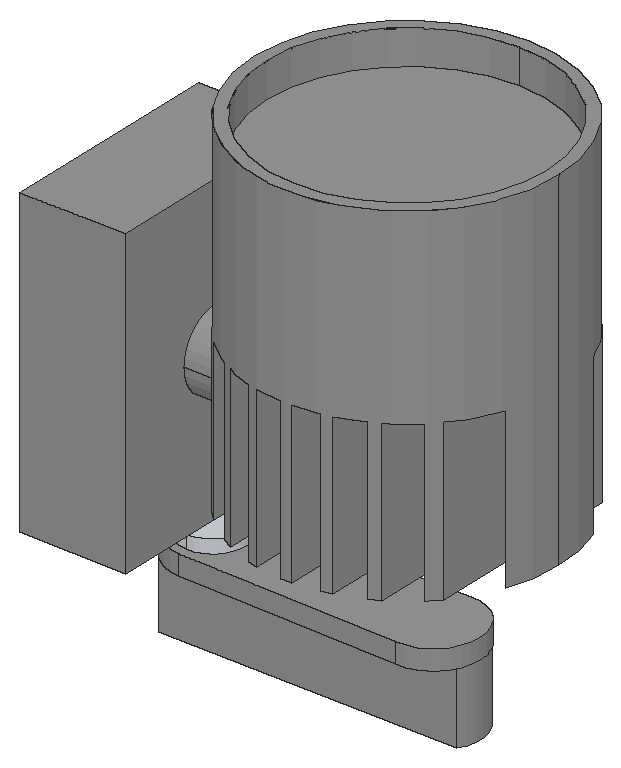
Revit family "2059898 Sylvania Lighting Fixture BEACON XL MUSE Xicato 4K O B DIM LS3 White", category Lighting Fixtures, host Face, Revit 2016
Family settings
  Host = Face
  Part Type = Normal
  Round Connector Dimension = Use Diameter
  OmniClass Number = 23.80.70.00
  OmniClass Title = Lighting
  Cut with Voids When Loaded = No
  Light Source = Yes
  Shared = No
  Room Calculation Point = No
Parameters (values of type "2059898 BEACON XL MUSE XICATO 4K O/B DIM LS3 WHT")
  ceiling drop = 180 mm
  Weight = "n/a"
  Wattage Comments = ""
  Wattage = 0 W
  WarrantyStartDate [instance] = "n/a"
  WarrantyGuarantorParts = ""
  WarrantyDurationUnit = "http://www.sylvania-lighting.com"
  WarrantyDurationParts = "n/a"
  WarrantyDescription = "0.95"
  built-in parameter 1150110 = 1 (stored number, unit not read)
  Voltage = 0 V
  URL = "\\\\svlondc02\\data\\R&D_Fixtures_General\\Dialux Admin\\Michael H\\Bim\\All ranges Feilo\\not Completed\\Beacon Xicato\\Beacon XL Muse Xicato\\2059898.ies"
  TypeName = "BEACON XL MUSE Xicato 4K O/B DIM LS3 White"
  Type Image = <None>
  Type Comments = "n/a"
  built-in parameter 1114217 = 1 (stored number, unit not read)
  Tilt Angle = 90.00°
  built-in parameter 1150109 = 1 (stored number, unit not read)
  built-in parameter 1150134 = 3
  built-in parameter 1150113 = 1 (stored number, unit not read)
  SerialNumber [instance] = "n/a"
  Photometric Web File = "2059898.ies"
  Material_3_FEILO = none
  PowerFactor = 0
  PowerConsumption = "0"
  NominalLength = 0 mm
  NominalHeight = 0 mm
  NominalDepth = 0 mm
  Name = "BEACON XL MUSE Xicato 4K O/B DIM LS3 White"
  ModelReference = Name  # "BEACON XL MUSE Xicato 4K O/B DIM LS3 White"
  ModelNumber = "2059898"
  Model = Name  # "BEACON XL MUSE Xicato 4K O/B DIM LS3 White"
  Material = ""
  ManufacturerName = ""
  Manufacturer = ""
  LuminousEfficacy = "100"
  built-in parameter 1150105 = (empty or 0)
  Lumens = 0 lm
  LuminaireType = "681/1697 lm"
  built-in parameter 1150115 = 1 (stored number, unit not read)
  Lighting Material = none
  LightOutputRatio = "3"
  built-in parameter 1150137 = (empty or 0)
  built-in parameter 1150139 = (empty or 0)
  Light = none
  LampsType = Lamp  # "n/a"
  LampNominalLuminous = "LED"
  LampMacAdamStep = "16500"
  LampColourTemperature = "n/a"
  LampColourRenderingIndex = "n/a"
  built-in parameter 1150112 = 1 (stored number, unit not read)
  built-in parameter 1150114 = 1 (stored number, unit not read)
  Lamp = "n/a"
  Keynote = "0"
  InstallationDate [instance] = "n/a"
  InputVoltage = "IP20"
  InputNominalFrequency = "IK02"
  built-in parameter 1150132 = (empty or 0)
  built-in parameter 1150102 = (empty or 0)
  built-in parameter 1150107 = 3200 (stored number, unit not read)
  built-in parameter 1150138 = (empty or 0)
  IngressProtection = ""
  ImpactProtectionIndex = "Class II"
  built-in parameter 1150106 = (empty or 0)
  IfcExportType = "IfcLightFixtureType"
  IfcExportAs = "48"
  ExpectedLife = 50000
  Emit from Circle Diameter = 609.6 mm
  Emit Shape Visible in Rendering = no
  ElectricShockClassification = ""
  built-in parameter 1150104 = 13.8 (stored number, unit not read)
  DurationUnit = "hours"
  Driver Width = 85 mm
  DocumentationLiterature = "http://www.sylvania-lighting.com/product/en-int/products/2059898"
  DimmingControlOptions = "n/a"
  Material_2_FEILO = none
  Dimming Lamp Color Temperature Shift = <None>
  Diameter = 115 mm
  Description = "Integrated LED spotlight with Xicato Artist LED Module, white RAL 9016, unique soft-touch ring, adjustable beam angle from a 10° spot to a 72° flood, compact and minimalist design, ideal for museum, gallery and high-end retail applications, die-cast aluminium body, passive cooling heatsink, beam angle: 10° spot to 72° flood, optics: aspheric glass lens, colour temperature: 4000K neutral white, total system power: 35W, total fixture output: 681/1697lm, luminaire efficacy: 48lm/W, LOR: 100%, super high colour rendering: Ra 97 typical, R9 value at 90, LED Chromacity: 3 step MacAdam ellipse, lifetime: 50,000 hours at 70% of the original output (L70), energy class: A++, A+, A, IR/UV free light source without heat radiation, operating voltage: 220-240V / 50-60Hz, drive current: 1050mA, electronic driver, dimmable via on-board potentiometer, power factor: 0.95, electrical protection: CLASS I, 3-circuit track adaptor, suitable for Concord Lytespan 3 track, ingress protection rating: IP20, suitable for internal use."
  Default Elevation = 115 mm
  CreatedOn = "01/07/2019"
  CreatedBy = "@sylvania-lighting.com"
  Cost = 0
  Color Filter = 16777215
  built-in parameter 1114216 [instance] = (empty or 0)
  ClassificationValue = "EF_70_80"
  ClassificationName = "Uniclass2015"
  Material_1_FEILO = none
  BarCode [instance] = "n/a"
  built-in parameter 1114218 = 1 (stored number, unit not read)
  built-in parameter 1150133 = 10 (stored number, unit not read)
  AssetType = "Fixed"
  AssetIdentifier [instance] = "n/a"
  Assembly Code = "D5020200"
  Apparent Load = 35 VA
  Material_4_FEILO = none
  Adaptor Width = 35 mm
  Adaptor Pivot = 24.952 mm
  Adaptor Inside Width = 16.53 mm
Reference planes
  plane 1 "Center (Front/Back)": y = 0
  plane 2: z = 0
  plane 3 "Center (Left/Right)": x = 0
  plane 4: y = 57.5
  plane 5: y = -57.5
  plane 6: x = -57.5
  plane 7: x = 57.5
  plane 8: z = 180
  plane 9: z = 18
  plane 10: x = -72.5
  plane 11: x = -112.5
  plane 12: z = 133
  plane 13: z = 48
  plane 14: z = 76
  plane 15: y = 42.5
  plane 16: y = -42.5
  plane 17: y = 18.447
  plane 18: y = -16.553
  plane 19: y = 12.476
  plane 20: y = -12.476
  plane 21: y = 8.265
  plane 22: y = -8.265
  plane 23: z = 5.5
Forms (mm)
  Extrusion 1, solid, material "Aluminum", detail levels medium+fine
    sketch origin (0, 0, 0) x (1, 0, 0) y (0, 1, 0)
      loop
        circle (0, 0) r 57.5
    from 48 to 180
  Extrusion 2, solid, material "Aluminum", detail levels medium+fine
    sketch origin (0, 0, 0) x (1, 0, 0) y (0, 1, 0)
      loop
        line (-112.5, 42.5) -> (-112.5, -42.16) -> (-72.5, -42.16) -> (-72.5, 42.5) -> (-112.5, 42.5)
    from 18 to 133
  Extrusion 3, void
    sketch origin (0, 0, 48) x (1, 0, 0) y (0, 1, 0)
      loop
        line (43.7, -85.519) -> (53.7, -85.519) -> (53.7, 68.594) -> (43.7, 68.594) -> (43.7, -85.519)
      loop
        line (39.9, -85.519) -> (39.9, 68.594) -> (29.9, 68.594) -> (29.9, -85.519) -> (39.9, -85.519)
      loop
        line (26.1, -85.519) -> (26.1, 68.594) -> (16.1, 68.594) -> (16.1, -85.519) -> (26.1, -85.519)
      loop
        line (12.3, -85.519) -> (12.3, 68.594) -> (2.3, 68.594) -> (2.3, -85.519) -> (12.3, -85.519)
      loop
        line (-1.5, -85.519) -> (-1.5, 68.594) -> (-11.5, 68.594) -> (-11.5, -85.519) -> (-1.5, -85.519)
      loop
        line (-15.3, -85.519) -> (-15.3, 68.594) -> (-25.3, 68.594) -> (-25.3, -85.519) -> (-15.3, -85.519)
      loop
        line (-29.1, -85.519) -> (-29.1, 68.594) -> (-39.1, 68.594) -> (-39.1, -85.519) -> (-29.1, -85.519)
      loop
        line (-42.9, -85.519) -> (-42.9, 68.594) -> (-52.9, 68.594) -> (-52.9, -85.519) -> (-42.9, -85.519)
    from 0 to 60
  Extrusion 4, solid, material "Aluminum"
    sketch origin (319, 1524, 1219.2) x (0, 1, 0) y (0, 0, 1)
      loop
        circle (-1524, -1143.2) r 15
    from -391.5 to -361.9
  Extrusion 5, solid, detail levels fine
    sketch origin (-0.798, -15.316, 18) x (0, 1, 0) y (1, 0, 0)
      loop
        circle (15.34, -72.5) r 12.5
    from 0 to 5
  Extrusion 6, solid, material "Aluminum", detail levels fine
    sketch origin (-1.795, -27.856, 13) x (-1, 0, 0) y (0, 1, 0)
      loop
        arc (-11.998, 45.379) -> (-29.497, 27.722) -> (-11.683, 10.382) r 17.5
        line (-11.683, 10.382) -> (71.502, 11.879)
        arc (71.502, 11.879) -> (87.502, 27.879) -> (71.502, 43.879) r 16
        line (71.502, 43.879) -> (-11.998, 45.379)
    from 0 to 7.5
  Extrusion 7, void
    sketch origin (0, 0, 180) x (0, 1, 0) y (1, 0, 0)
      loop
        circle (0, 0) r 53
    from 0 to 15
  Extrusion 8, solid, material "Aluminum", detail levels fine
    sketch origin (0, 0, 0) x (1, 0, 0) y (0, 1, 0)
      loop
        arc (-87.012, 8.265) -> (-89.298, 0) -> (-87.012, -8.265) r 16.086
        line (-87.012, -8.265) -> (25.615, -8.265)
        arc (25.615, -8.265) -> (27.702, 0) -> (25.615, 8.265) r 17.405
        line (25.615, 8.265) -> (-87.012, 8.265)
    from -21.5 to 5.5
  Extrusion 9, solid, not visible
    sketch origin (0, 0, 0) x (1, 0, 0) y (0, 1, 0)
      loop
        circle (0, 0) r 57.5
    from 48 to 180
  Extrusion 10, void, not visible
    sketch origin (0, 0, 48) x (1, 0, 0) y (0, 1, 0)
      loop
        line (43.7, -85.519) -> (53.7, -85.519) -> (53.7, 68.594) -> (43.7, 68.594) -> (43.7, -85.519)
      loop
        line (39.9, -85.519) -> (39.9, 68.594) -> (29.9, 68.594) -> (29.9, -85.519) -> (39.9, -85.519)
      loop
        line (26.1, -85.519) -> (26.1, 68.594) -> (16.1, 68.594) -> (16.1, -85.519) -> (26.1, -85.519)
      loop
        line (12.3, -85.519) -> (12.3, 68.594) -> (2.3, 68.594) -> (2.3, -85.519) -> (12.3, -85.519)
      loop
        line (-1.5, -85.519) -> (-1.5, 68.594) -> (-11.5, 68.594) -> (-11.5, -85.519) -> (-1.5, -85.519)
      loop
        line (-15.3, -85.519) -> (-15.3, 68.594) -> (-25.3, 68.594) -> (-25.3, -85.519) -> (-15.3, -85.519)
      loop
        line (-29.1, -85.519) -> (-29.1, 68.594) -> (-39.1, 68.594) -> (-39.1, -85.519) -> (-29.1, -85.519)
      loop
        line (-42.9, -85.519) -> (-42.9, 68.594) -> (-52.9, 68.594) -> (-52.9, -85.519) -> (-42.9, -85.519)
    from 0 to 60
  Extrusion 11, solid, not visible
    sketch origin (319, 1524, 1219.2) x (0, 1, 0) y (0, 0, 1)
      loop
        circle (-1524, -1143.2) r 15
    from -391.5 to -361.9
  Extrusion 12, void, not visible
    sketch origin (0, 0, 180) x (0, 1, 0) y (1, 0, 0)
      loop
        circle (0, 0) r 53
    from 0 to 15
  Extrusion 13, solid, not visible
    sketch origin (0, 0, 0) x (1, 0, 0) y (0, 1, 0)
      loop
        circle (0, 0) r 57.5
    from 48 to 180
  Extrusion 14, solid, not visible
    sketch origin (0, 0, 0) x (1, 0, 0) y (0, 1, 0)
      loop
        line (-112.5, 42.5) -> (-112.5, -42.16) -> (-72.5, -42.16) -> (-72.5, 42.5) -> (-112.5, 42.5)
    from 18 to 133
  Extrusion 15, void, not visible
    sketch origin (0, 0, 48) x (1, 0, 0) y (0, 1, 0)
      loop
        line (43.7, -85.519) -> (53.7, -85.519) -> (53.7, 68.594) -> (43.7, 68.594) -> (43.7, -85.519)
      loop
        line (39.9, -85.519) -> (39.9, 68.594) -> (29.9, 68.594) -> (29.9, -85.519) -> (39.9, -85.519)
      loop
        line (26.1, -85.519) -> (26.1, 68.594) -> (16.1, 68.594) -> (16.1, -85.519) -> (26.1, -85.519)
      loop
        line (12.3, -85.519) -> (12.3, 68.594) -> (2.3, 68.594) -> (2.3, -85.519) -> (12.3, -85.519)
      loop
        line (-1.5, -85.519) -> (-1.5, 68.594) -> (-11.5, 68.594) -> (-11.5, -85.519) -> (-1.5, -85.519)
      loop
        line (-15.3, -85.519) -> (-15.3, 68.594) -> (-25.3, 68.594) -> (-25.3, -85.519) -> (-15.3, -85.519)
      loop
        line (-29.1, -85.519) -> (-29.1, 68.594) -> (-39.1, 68.594) -> (-39.1, -85.519) -> (-29.1, -85.519)
      loop
        line (-42.9, -85.519) -> (-42.9, 68.594) -> (-52.9, 68.594) -> (-52.9, -85.519) -> (-42.9, -85.519)
    from 0 to 60
  Extrusion 16, solid, not visible
    sketch origin (319, 1524, 1219.2) x (0, 1, 0) y (0, 0, 1)
      loop
        circle (-1524, -1143.2) r 15
    from -391.5 to -361.9
  Extrusion 17, void, not visible
    sketch origin (0, 0, 180) x (0, 1, 0) y (1, 0, 0)
      loop
        circle (0, 0) r 53
    from 0 to 15
  Extrusion 18, solid, not visible
    sketch origin (0, 0, 0) x (1, 0, 0) y (0, 1, 0)
      loop
        circle (0, 0) r 57.5
    from 48 to 180
  Extrusion 19, solid, not visible
    sketch origin (0, 0, 0) x (1, 0, 0) y (0, 1, 0)
      loop
        line (-112.5, 42.5) -> (-112.5, -42.16) -> (-72.5, -42.16) -> (-72.5, 42.5) -> (-112.5, 42.5)
    from 18 to 133
  Extrusion 20, void, not visible
    sketch origin (0, 0, 48) x (1, 0, 0) y (0, 1, 0)
      loop
        line (43.7, -85.519) -> (53.7, -85.519) -> (53.7, 68.594) -> (43.7, 68.594) -> (43.7, -85.519)
      loop
        line (39.9, -85.519) -> (39.9, 68.594) -> (29.9, 68.594) -> (29.9, -85.519) -> (39.9, -85.519)
      loop
        line (26.1, -85.519) -> (26.1, 68.594) -> (16.1, 68.594) -> (16.1, -85.519) -> (26.1, -85.519)
      loop
        line (12.3, -85.519) -> (12.3, 68.594) -> (2.3, 68.594) -> (2.3, -85.519) -> (12.3, -85.519)
      loop
        line (-1.5, -85.519) -> (-1.5, 68.594) -> (-11.5, 68.594) -> (-11.5, -85.519) -> (-1.5, -85.519)
      loop
        line (-15.3, -85.519) -> (-15.3, 68.594) -> (-25.3, 68.594) -> (-25.3, -85.519) -> (-15.3, -85.519)
      loop
        line (-29.1, -85.519) -> (-29.1, 68.594) -> (-39.1, 68.594) -> (-39.1, -85.519) -> (-29.1, -85.519)
      loop
        line (-42.9, -85.519) -> (-42.9, 68.594) -> (-52.9, 68.594) -> (-52.9, -85.519) -> (-42.9, -85.519)
    from 0 to 60
  Extrusion 21, solid, not visible
    sketch origin (319, 1524, 1219.2) x (0, 1, 0) y (0, 0, 1)
      loop
        circle (-1524, -1143.2) r 15
    from -391.5 to -361.9
  Extrusion 22, solid, not visible
    sketch origin (-0.798, -15.316, 18) x (0, 1, 0) y (1, 0, 0)
      loop
        circle (15.34, -72.5) r 12.5
    from 0 to 5
  Extrusion 23, solid, not visible
    sketch origin (-1.795, -27.856, 13) x (-1, 0, 0) y (0, 1, 0)
      loop
        arc (-11.998, 45.379) -> (-29.497, 27.722) -> (-11.683, 10.382) r 17.5
        line (-11.683, 10.382) -> (71.502, 11.879)
        arc (71.502, 11.879) -> (87.502, 27.879) -> (71.502, 43.879) r 16
        line (71.502, 43.879) -> (-11.998, 45.379)
    from 0 to 7.5
  Extrusion 24, void, not visible
    sketch origin (0, 0, 180) x (0, 1, 0) y (1, 0, 0)
      loop
        circle (0, 0) r 53
    from 0 to 15
  Extrusion 25, solid, not visible
    sketch origin (0, 0, 0) x (1, 0, 0) y (0, 1, 0)
      loop
        circle (0, 0) r 57.5
    from 48 to 180
  Extrusion 26, solid, not visible
    sketch origin (0, 0, 0) x (1, 0, 0) y (0, 1, 0)
      loop
        line (-112.5, 42.5) -> (-112.5, -42.16) -> (-72.5, -42.16) -> (-72.5, 42.5) -> (-112.5, 42.5)
    from 18 to 133
  Extrusion 27, void, not visible
    sketch origin (0, 0, 48) x (1, 0, 0) y (0, 1, 0)
      loop
        line (43.7, -85.519) -> (53.7, -85.519) -> (53.7, 68.594) -> (43.7, 68.594) -> (43.7, -85.519)
      loop
        line (39.9, -85.519) -> (39.9, 68.594) -> (29.9, 68.594) -> (29.9, -85.519) -> (39.9, -85.519)
      loop
        line (26.1, -85.519) -> (26.1, 68.594) -> (16.1, 68.594) -> (16.1, -85.519) -> (26.1, -85.519)
      loop
        line (12.3, -85.519) -> (12.3, 68.594) -> (2.3, 68.594) -> (2.3, -85.519) -> (12.3, -85.519)
      loop
        line (-1.5, -85.519) -> (-1.5, 68.594) -> (-11.5, 68.594) -> (-11.5, -85.519) -> (-1.5, -85.519)
      loop
        line (-15.3, -85.519) -> (-15.3, 68.594) -> (-25.3, 68.594) -> (-25.3, -85.519) -> (-15.3, -85.519)
      loop
        line (-29.1, -85.519) -> (-29.1, 68.594) -> (-39.1, 68.594) -> (-39.1, -85.519) -> (-29.1, -85.519)
      loop
        line (-42.9, -85.519) -> (-42.9, 68.594) -> (-52.9, 68.594) -> (-52.9, -85.519) -> (-42.9, -85.519)
    from 0 to 60
  Extrusion 28, solid, not visible
    sketch origin (319, 1524, 1219.2) x (0, 1, 0) y (0, 0, 1)
      loop
        circle (-1524, -1143.2) r 15
    from -391.5 to -361.9
  Extrusion 29, solid, not visible
    sketch origin (-0.798, -15.316, 18) x (0, 1, 0) y (1, 0, 0)
      loop
        circle (15.34, -72.5) r 12.5
    from 0 to 5
  Extrusion 30, solid, not visible
    sketch origin (-1.795, -27.856, 13) x (-1, 0, 0) y (0, 1, 0)
      loop
        arc (-11.998, 45.379) -> (-29.497, 27.722) -> (-11.683, 10.382) r 17.5
        line (-11.683, 10.382) -> (71.502, 11.879)
        arc (71.502, 11.879) -> (87.502, 27.879) -> (71.502, 43.879) r 16
        line (71.502, 43.879) -> (-11.998, 45.379)
    from 0 to 7.5
  Extrusion 31, void, not visible
    sketch origin (0, 0, 180) x (0, 1, 0) y (1, 0, 0)
      loop
        circle (0, 0) r 53
    from 0 to 15
  Extrusion 32, solid, not visible
    sketch origin (0, 0, 0) x (1, 0, 0) y (0, 1, 0)
      loop
        arc (-87.012, 8.265) -> (-89.298, 0) -> (-87.012, -8.265) r 16.086
        line (-87.012, -8.265) -> (25.615, -8.265)
        arc (25.615, -8.265) -> (27.702, 0) -> (25.615, 8.265) r 17.405
        line (25.615, 8.265) -> (-87.012, 8.265)
    from -21.5 to 5.5
  Extrusion 33, solid, material "Glass, White, High Luminance", detail levels medium+fine
    sketch origin (0, 0, 165) x (0, 1, 0) y (-1, 0, 0)
      loop
        circle (0, 0) r 53
    from 0 to 2
  Extrusion 34, solid, detail levels coarse
    sketch origin (0, 0, 180) x (1, 0, 0) y (0, 1, 0)
      loop
        line (57.5, 57.5) -> (-112.5, 57.5) -> (-112.5, -57.5) -> (57.5, -57.5) -> (57.5, 57.5)
    from -201.5 to 0
Cuts and joins
  Extrusion 3, Extrusion 7 cuts Extrusion 1
Lines and regions (mm)
  reference lines
    curve 1: line (-73.298, 12.524, 13) -> (-73.298, -12.476, 13)
    curve 2: line (-60.798, -15.316, 13) -> (-85.798, -15.316, 13)
    curve 7: line (0, 53, 165) -> (0, -83.894, 165)
    curve 8: line (-53, 0, 165) -> (73.513, 0, 165)
  reference lines, not visible
    curve 3: line (-73.298, 12.524, 13) -> (-73.298, -12.476, 13)
    curve 4: line (-60.798, -15.316, 13) -> (-85.798, -15.316, 13)
    curve 5: line (-73.298, 12.524, 13) -> (-73.298, -12.476, 13)
    curve 6: line (-60.798, -15.316, 13) -> (-85.798, -15.316, 13)
Dimensions and locks
  "Diameter": plane 6 to plane 7
  equal spacing: plane 6, plane 3 "Center (Left/Right)", plane 7, locked at 57.5 each
  "Diameter": plane 4 to plane 5
  equal spacing: plane 4, plane 1 "Center (Front/Back)", plane 5, locked at 57.5 each
  "ceiling drop": plane 8 to level
  locked: plane 8 to plane 9 at 162
  locked: plane 12 to plane 9 at 115
  "Driver Width": plane 15 to plane 16
  equal spacing: plane 15, plane 1 "Center (Front/Back)", plane 16
  "Adaptor Width": plane 17 to plane 18
  "Adaptor Pivot": plane 19 to plane 20
  equal spacing: plane 19, plane 1 "Center (Front/Back)", plane 20
  "Adaptor Inside Width": plane 21 to plane 22
  equal spacing: plane 21, plane 1 "Center (Front/Back)", plane 22
  aligned and locked: plane 2 to host face
  aligned and locked: level to host face
  aligned and locked: plane 8 to Extrusion 1
Automatic sketch dimensions
  host sketch curve to host sketch curve = 2438.4 mm  (x2)
  Extrusion 3 sketch curve to Extrusion 3 sketch curve = 10 mm  (x8)
  Extrusion 3 sketch curve to Extrusion 3 sketch curve = 3.8 mm  (x7)
  Extrusion 3 sketch curve to Extrusion 3 sketch curve = 0 mm  (x14)
  Extrusion 3 sketch curve to Extrusion 3 sketch curve = 154.113 mm
  Extrusion 6 sketch curve to Extrusion 6 sketch curve = 83.185 mm
  Extrusion 6 sketch curve to Extrusion 6 sketch curve = 0.315 mm
  Extrusion 6 sketch curve to Extrusion 6 sketch curve = 1.5 mm
  Extrusion 6 sketch curve to Extrusion 6 sketch curve = 17.5 mm
  Extrusion 8 sketch curve to Extrusion 8 sketch curve = 15.318 mm
  Extrusion 10 sketch curve to Extrusion 10 sketch curve = 10 mm  (x8)
  Extrusion 10 sketch curve to Extrusion 10 sketch curve = 3.8 mm  (x7)
  Extrusion 10 sketch curve to Extrusion 10 sketch curve = 0 mm  (x14)
  Extrusion 10 sketch curve to Extrusion 10 sketch curve = 154.113 mm
  Extrusion 2 sketch curve to Extrusion 2 sketch curve = 40 mm
  Extrusion 2 sketch curve to Extrusion 2 sketch curve = 84.66 mm
  Extrusion 15 sketch curve to Extrusion 15 sketch curve = 10 mm  (x8)
  Extrusion 15 sketch curve to Extrusion 15 sketch curve = 3.8 mm  (x7)
  Extrusion 15 sketch curve to Extrusion 15 sketch curve = 0 mm  (x14)
  Extrusion 15 sketch curve to Extrusion 15 sketch curve = 154.113 mm
  Extrusion 14 sketch curve to Extrusion 14 sketch curve = 40 mm
  Extrusion 14 sketch curve to Extrusion 14 sketch curve = 84.66 mm
  Extrusion 20 sketch curve to Extrusion 20 sketch curve = 10 mm  (x8)
  Extrusion 20 sketch curve to Extrusion 20 sketch curve = 3.8 mm  (x7)
  Extrusion 20 sketch curve to Extrusion 20 sketch curve = 0 mm  (x14)
  Extrusion 20 sketch curve to Extrusion 20 sketch curve = 154.113 mm
  Extrusion 23 sketch curve to Extrusion 23 sketch curve = 83.185 mm
  Extrusion 23 sketch curve to Extrusion 23 sketch curve = 0.315 mm
  Extrusion 23 sketch curve to Extrusion 23 sketch curve = 1.5 mm
  Extrusion 23 sketch curve to Extrusion 23 sketch curve = 17.5 mm
  Extrusion 19 sketch curve to Extrusion 19 sketch curve = 40 mm
  Extrusion 19 sketch curve to Extrusion 19 sketch curve = 84.66 mm
  Extrusion 8 sketch curve to Extrusion 8 sketch curve = 0 mm  (x2)
  Extrusion 8 sketch curve to Extrusion 8 sketch curve = 13.8 mm
  Extrusion 8 sketch curve to Extrusion 8 sketch curve = 83.509 mm
  Extrusion 8 sketch curve to Extrusion 8 sketch curve = 8.265 mm
  Extrusion 27 sketch curve to Extrusion 27 sketch curve = 10 mm  (x8)
  Extrusion 27 sketch curve to Extrusion 27 sketch curve = 3.8 mm  (x7)
  Extrusion 27 sketch curve to Extrusion 27 sketch curve = 0 mm  (x14)
  Extrusion 27 sketch curve to Extrusion 27 sketch curve = 154.113 mm
  Extrusion 30 sketch curve to Extrusion 30 sketch curve = 83.185 mm
  Extrusion 30 sketch curve to Extrusion 30 sketch curve = 0.315 mm
  Extrusion 30 sketch curve to Extrusion 30 sketch curve = 1.5 mm
  Extrusion 30 sketch curve to Extrusion 30 sketch curve = 17.5 mm
  Extrusion 32 sketch curve to Extrusion 32 sketch curve = 15.318 mm
  Extrusion 26 sketch curve to Extrusion 26 sketch curve = 40 mm
  Extrusion 26 sketch curve to Extrusion 26 sketch curve = 84.66 mm
  Extrusion 32 sketch curve to Extrusion 32 sketch curve = 0 mm  (x2)
  Extrusion 32 sketch curve to Extrusion 32 sketch curve = 13.8 mm
  Extrusion 32 sketch curve to Extrusion 32 sketch curve = 83.509 mm
  Extrusion 32 sketch curve to Extrusion 32 sketch curve = 8.265 mm
  Extrusion 8 sketch curve to plane 21 = 0 mm
  Extrusion 8 sketch curve to plane 10 = 14.512 mm
  Extrusion 2 to Extrusion 5 sketch curve = 0.798 mm
  Extrusion 2 to Extrusion 5 sketch curve = 42.184 mm
  curve 2 to curve 1 = 2.84 mm
  curve 1 to curve 1 = 25 mm
  curve 2 to curve 1 = 12.5 mm
  curve 1 to curve 2 = 12.5 mm
  Extrusion 2 sketch curve to plane 11 = 0 mm
  plane 15 to Extrusion 2 sketch curve = 0 mm
  plane 1 "Center (Front/Back)" to Extrusion 1 sketch curve = 0 mm
  Extrusion 1 sketch curve to plane 3 "Center (Left/Right)" = 0 mm
  Extrusion 4 sketch curve to plane 1 "Center (Front/Back)" = 0 mm
  plane 14 to Extrusion 4 sketch curve = 0 mm
  curve 7 to curve 8 = 83.894 mm
  curve 8 to curve 7 = 53 mm
  curve 8 to curve 7 = 73.513 mm
  curve 7 to curve 8 = 53 mm
  Extrusion 34 sketch curve to Extrusion 34 sketch curve = 170 mm
  Extrusion 34 sketch curve to Extrusion 34 sketch curve = 115 mm
  radius of Extrusion 1 sketch curve = 57.5 mm
  radius of Extrusion 4 sketch curve = 15 mm
  radius of Extrusion 5 sketch curve = 12.5 mm
  radius of Extrusion 5 to Extrusion 6 sketch curve = 3.5 mm
  radius of Extrusion 7 sketch curve = 53 mm
  radius of Extrusion 9 sketch curve = 57.5 mm
  radius of Extrusion 11 sketch curve = 15 mm
  radius of Extrusion 12 sketch curve = 53 mm
  radius of Extrusion 13 sketch curve = 57.5 mm
  radius of Extrusion 16 sketch curve = 15 mm
  radius of Extrusion 17 sketch curve = 53 mm
  radius of Extrusion 18 sketch curve = 57.5 mm
  radius of Extrusion 21 sketch curve = 15 mm
  radius of Extrusion 22 sketch curve = 12.5 mm
  radius of Extrusion 22 to Extrusion 23 sketch curve = 3.5 mm
  radius of Extrusion 24 sketch curve = 53 mm
  radius of Extrusion 25 sketch curve = 57.5 mm
  radius of Extrusion 28 sketch curve = 15 mm
  radius of Extrusion 29 sketch curve = 12.5 mm
  radius of Extrusion 29 to Extrusion 30 sketch curve = 3.5 mm
  radius of Extrusion 31 sketch curve = 53 mm
  radius of Extrusion 33 sketch curve to Extrusion 7 = 0 mm
Connectors
  electrical at (-30.699, 0, -21.5)
    settings: on Extrusion 8, index 1, voltage 0 V, apparent load 0 VA, apparent load phase1 0 VA, apparent load phase2 0 VA, apparent load phase3 0 VA, power factor 1, load classification "Other", number of poles 1, system type 31, power factor state 1, is connector primary yes, connector utility no, sub classification motor no, connector description ""
